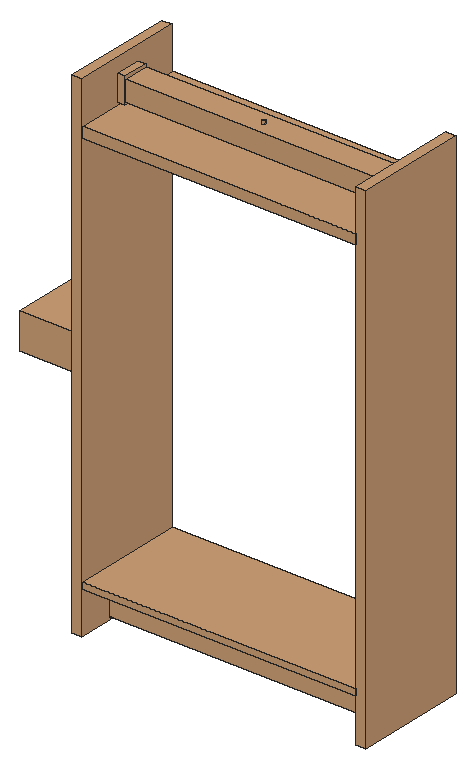
Revit family
Parameters
  Center of Unit = 0' - 0"  # constant formula
  Total Heating Capacity [instance] = 0.0 Btu/h
  Series = "VIFB"
  Outlet Area = 29.00 SF
  Lower Frame Thickness = if(Headers Height = 0' 3", 0' 1 1/4", if(Headers Height = 0' 3 1/4", 0' 1 1/4", 0' 0"))  # 0' - 1 1/4"
  Water Pressure Drop [instance] = 0.00 psi
  Water Flow [instance] = 0 GPM
  Unit Weight (lbs) = 831
  URL = "http://www.ljwing.com/"
  Water Outlet Radius = 0' - 1 1/2"
  Headers Height = if(M = 0' 1", 0' 3", if(M = 0' 1 1/2", 0' 3 1/4", 0' 0"))  # 0' - 3"
  Number of Rows = 2  # constant formula
  Number of Coils [instance] = 0
  Nominal Length = 4' - 9 5/8"
  N = 1' - 0 3/4"
  Model = "VE-5W"
  Manufacturer = "LJ Wing"
  M = 0' - 1"
  Leaving Water Temperature [instance] = 0 °F
  Leaving Air Temperature [instance] = 0 °F
  Entering Water Temperature [instance] = 0 °F
  Entering Air Temperature [instance] = 0 °F
  Description = "Vertical Integral Face & Bypass Water Heating Coils"
  Hot Water Inlet  Radius = 0' - 1 1/2"
  Coil Face Area = Outlet Area * 0.56  # 16.24 SF
  Casing Material = ""
  Assembly Code = "D3020300"
  Air Vent Radius = 0' - 0 1/4"
  Air Pressure Drop [instance] = 0.00 in-wg
  Air Inlet Width = Nominal Length - 0' 4"  # 4' - 5 5/8"
  Air Inlet Height = Y  # 6' - 6"
  Air Flow [instance] = 0 CFM
  Y = 6' - 6"
  S = 0' - 9 3/4"  # constant formula
  Product URL = "http://www.ljwing.com/html/vifb.asp"
  OmniClass = "23-75 70 21 14 "
  Nominal Height = 8' - 2"
  Nominal Depth = 1' - 10"
  R = 0' - 10 1/4"  # constant formula
  Q = 0' - 4 13/16"
Reference planes (in)
  plane 1 "Center (Front/Back)": y = 0
  plane 2: z = -39
  plane 3 "Center (Left/Right)": x = 0
  plane 4: z = 49.25
  plane 5: x = -28.8125
  plane 6: x = 28.8125
  plane 7: z = -48.75
  plane 8: z = 0
  plane 9: y = -11
  plane 10: y = 11
  plane 11: z = 39
  plane 12: z = 41
  plane 13: z = -40.25
  plane 14: x = 26.8125
  plane 15: x = -26.8125
  plane 16: x = -24
  plane 17: x = 24
  plane 18: y = 14.0625
  plane 19: x = -39.8125
  plane 20: z = 46.125
  plane 21: z = 42.125
  plane 22: y = -2.5
  plane 23: y = 2.5
  plane 24: y = -4.5
  plane 25: z = -46.375
  plane 26: x = -16.0625
  plane 27: x = 16.0625
  plane 28: z = -42.375
Forms (in)
  Extrusion 1, solid, material "Painted Finish"
    sketch origin (0, 6, -9.75) x (1, 0, 0) y (0, 0, 1)
      loop
        line (-28.8125, -39) -> (-26.8125, -39) -> (-26.8125, 59) -> (-28.8125, 59) -> (-28.8125, -39)
      loop
        line (28.8125, -39) -> (28.8125, 59) -> (26.8125, 59) -> (26.8125, -39) -> (28.8125, -39)
    from -5 to 17
  Extrusion 2, solid, material "Painted Finish"
    sketch origin (0, 6, 0) x (1, 0, 0) y (0, 0, 1)
      loop
        line (26.8125, -39) -> (-26.8125, -39) -> (-26.8125, -40.25) -> (26.8125, -40.25) -> (26.8125, -39)
      loop
        line (26.8125, 39) -> (26.8125, 41) -> (-26.8125, 41) -> (-26.8125, 39) -> (26.8125, 39)
    from -5 to 17
  Extrusion 3, solid, material "Painted Finish"
    sketch origin (0, 10, -0.5) x (1, 0, 0) y (0, 0, 1)
      loop
        line (-28.8125, 4) -> (-39.8125, 4) -> (-39.8125, -3) -> (-28.8125, -3) -> (-28.8125, 4)
    from 0 to 20
  Extrusion 4, solid, material "Painted Finish"
    sketch origin (0, 6, 0) x (1, 0, 0) y (0, 0, 1)
      loop
        line (-25.1875, 46.125) -> (-25.1875, 42.125) -> (25.1875, 42.125) -> (25.1875, 46.125) -> (-25.1875, 46.125)
    from 3.5 to 8.5
  Extrusion 5, solid, material "Painted Finish"
    sketch origin (0, 0, 0) x (1, 0, 0) y (0, 0, 1)
      loop
        line (-25.1875, 41.625) -> (-25.1875, 46.625) -> (-26.8125, 46.625) -> (-26.8125, 41.625) -> (-25.1875, 41.625)
      loop
        line (26.8125, 41.625) -> (26.8125, 46.625) -> (25.1875, 46.625) -> (25.1875, 41.625) -> (26.8125, 41.625)
    from -2.5 to 2.5
  Extrusion 6, solid, material "Painted Finish"
    sketch origin (0, 6, 0) x (1, 0, 0) y (0, 0, 1)
      loop
        line (-26.3125, -40.875) -> (-26.3125, -40.625) -> (-26.8125, -40.625) -> (-26.8125, -44.125) -> (-26.3125, -44.125) -> (-26.3125, -43.875) -> (26.3125, -43.875) -> (26.3125, -44.125) -> (26.8125, -44.125) -> (26.8125, -40.625) -> (26.3125, -40.625) -> (26.3125, -40.875) -> (-26.3125, -40.875)
      loop
        line (26.3125, -47.875) -> (26.3125, -48.125) -> (26.8125, -48.125) -> (26.8125, -44.625) -> (26.3125, -44.625) -> (26.3125, -44.875) -> (-26.3125, -44.875) -> (-26.3125, -44.625) -> (-26.8125, -44.625) -> (-26.8125, -48.125) -> (-26.3125, -48.125) -> (-26.3125, -47.875) -> (26.3125, -47.875)
    from -5 to 10.5
  Extrusion 7, void
    sketch origin (0, 0, 0) x (1, 0, 0) y (0, 0, 1)
      loop
        line (-26.8125, 39) -> (-26.8125, -39) -> (26.8125, -39) -> (26.8125, 39) -> (-26.8125, 39)
    from -11 to 11
  Extrusion 8, solid, material "Painted Finish"
    sketch origin (0, 0, 0) x (1, 0, 0) y (0, 0, 1)
      loop
        circle (16.0625, -46.375) r 1
      loop
        circle (-16.0625, -42.375) r 1
    from -14.0625 to -11
  Extrusion 9, solid, material "Painted Finish"
    sketch origin (0, 0, 0) x (1, 0, 0) y (0, 1, 0)
      loop
        circle (0, 0) r 0.25
    from 46.125 to 46.625
Cuts and joins
  Extrusion 7 cuts Extrusion 1
  Extrusion 7 cuts Extrusion 2
Dimensions and locks (in)
  "Nominal Length": plane 6 to plane 5
  equal spacing: plane 6, plane 3 "Center (Left/Right)", plane 5
  "S": plane 2 to plane 7
  "Nominal Depth": plane 10 to plane 9
  equal spacing: plane 10, plane 1 "Center (Front/Back)", plane 9
  "Y": plane 11 to plane 2
  "R": plane 4 to plane 11
  locked: plane 12 to plane 11 at 2
  "Lower Frame Thickness": plane 2 to plane 13
  "Q": plane 16 to plane 5
  "Q": plane 6 to plane 17
  locked: plane 18 to plane 10 at 3.0625
  locked: plane 5 to plane 19 at 11
  locked: Extrusion 3 sketch curve to Extrusion 3 sketch curve at 7
  locked: Extrusion 3 to Extrusion 3 at 20
  locked: plane 6 to plane 14 at 2
  locked: plane 15 to plane 5 at 2
  locked: Extrusion 5 sketch curve to plane 20 at 0.5
  locked: plane 21 to Extrusion 5 sketch curve at 0.5
  locked: plane 20 to plane 21 at 4
  locked: plane 23 to plane 22 at 5
  equal spacing: plane 23, plane 1 "Center (Front/Back)", plane 22
  locked: plane 22 to plane 24 at 2
  plane 4 to plane 7 = 8' - 2"
  locked: Extrusion 5 sketch curve to Extrusion 1 at 1.625
  locked: Extrusion 5 sketch curve to Extrusion 5 sketch curve at 1.625
  locked: Extrusion 7 sketch curve to plane 11 at 0
  locked: Extrusion 7 sketch curve to plane 15 at 0
  locked: Extrusion 7 sketch curve to plane 14 at 0
  locked: plane 15 to Extrusion 6 sketch curve at 0.5
  locked: Extrusion 6 sketch curve to Extrusion 6 sketch curve at 0.25  (x2)
  locked: plane 25 to plane 7 at 2.375
  "N": plane 26 to plane 5
  "N": plane 6 to plane 27
  locked: plane 28 to plane 7 at 6.375
  "Headers Height": Extrusion 6 sketch curve to Extrusion 6 sketch curve  (x2)
  locked: Extrusion 8 sketch curve to plane 25 at 0
  locked: Extrusion 8 sketch curve to plane 28 at 0
  locked: Extrusion 9 sketch curve to plane 1 "Center (Front/Back)" at 0
  locked: Extrusion 9 sketch curve to plane 3 "Center (Left/Right)" at 0
  equal spacing: Extrusion 6 sketch curve, plane 28, Extrusion 6 sketch curve
  equal spacing: Extrusion 6 sketch curve, plane 25, Extrusion 6 sketch curve
  locked: plane 4 to plane 20 at 3.125
  locked: Extrusion 7 sketch curve to plane 2 at 0
  equal spacing: plane 11, plane 8, plane 2
  locked: Extrusion 8 sketch curve to plane 27 at 0
  locked: Extrusion 8 sketch curve to plane 26 at 0
  "M": radius of Extrusion 8 sketch curve  (x2)
  "Air Vent Radius": radius of Extrusion 9 sketch curve
  aligned and locked: Extrusion 1 to plane 9
  aligned and locked: Extrusion 1 to plane 10
  aligned and locked: Extrusion 1 to plane 15
  aligned and locked: Extrusion 1 to plane 14
  aligned and locked: Extrusion 2 to plane 9
  aligned and locked: plane 9 to Extrusion 1
  aligned and locked: plane 10 to Extrusion 1  (x2)
  aligned and locked: Extrusion 2 to plane 10
  aligned and locked: plane 10 to Extrusion 2  (x2)
  aligned and locked: plane 9 to Extrusion 2  (x2)
  aligned and locked: plane 5 to Extrusion 3
  aligned and locked: Extrusion 5 sketch curve to plane 15
  aligned and locked: Extrusion 5 sketch curve to Extrusion 4
  aligned and locked: Extrusion 1 to Extrusion 6
  aligned and locked: plane 22 to Extrusion 5
  aligned and locked: Extrusion 5 to Extrusion 4  (x2)
  aligned and locked: Extrusion 5 to plane 23
  aligned and locked: Extrusion 6 to plane 24
  aligned and locked: Extrusion 4 to Extrusion 5  (x2)
  aligned and locked: Extrusion 5 to Extrusion 1  (x2)
  aligned and locked: Extrusion 1 to Extrusion 7  (x2)
  aligned and locked: plane 18 to Extrusion 8
  aligned and locked: Extrusion 8 to plane 10
  aligned and locked: plane 20 to Extrusion 9
  aligned and locked: Extrusion 9 to Extrusion 5
  aligned and locked: plane 2 to cut or joined group of Extrusion 2, Extrusion 7
  aligned and locked: Extrusion 1 sketch curve to plane 6
  aligned and locked: Extrusion 1 sketch curve to plane 14
  aligned and locked: Extrusion 1 sketch curve to plane 15
  aligned and locked: Extrusion 1 sketch curve to plane 5
  aligned and locked: Extrusion 1 sketch curve to plane 4  (x2)
  aligned and locked: plane 7 to Extrusion 1 sketch curve  (x2)
  aligned and locked: Extrusion 2 sketch curve to plane 11
  aligned and locked: Extrusion 2 sketch curve to plane 12
  aligned and locked: plane 2 to Extrusion 2 sketch curve
  aligned and locked: Extrusion 2 sketch curve to plane 13
  aligned and locked: plane 14 to Extrusion 2 sketch curve
  aligned and locked: plane 15 to Extrusion 2 sketch curve
  aligned and locked: Extrusion 2 sketch curve to plane 15
  aligned and locked: Extrusion 2 sketch curve to plane 14
  aligned and locked: plane 20 to Extrusion 4 sketch curve
  aligned and locked: Extrusion 4 sketch curve to plane 21
  aligned and locked: plane 14 to Extrusion 6 sketch curve  (x2)
  aligned and locked: Extrusion 6 sketch curve to plane 15  (x2)
Automatic sketch dimensions
  Extrusion 3 sketch curve to plane 19 = 0' - 0"
  Extrusion 3 sketch curve to plane 5 = 0' - 0"
  plane 8 to Extrusion 3 sketch curve = 0' - 3 1/2"
  Extrusion 4 sketch curve to plane 16 = 0' - 1 3/16"
  plane 17 to Extrusion 4 sketch curve = 0' - 1 3/16"
  plane 21 to Extrusion 5 sketch curve = 0' - 0 1/2"
  Extrusion 5 sketch curve to plane 20 = 0' - 0 1/2"
  plane 15 to Extrusion 6 sketch curve = 0' - 0 1/2"  (x2)
  Extrusion 6 sketch curve to Extrusion 6 sketch curve = 0' - 0 1/4"  (x5)
  Extrusion 6 sketch curve to Extrusion 6 sketch curve = 0' - 0"  (x2)
  Extrusion 6 sketch curve to plane 14 = 0' - 0 1/2"  (x2)
  Extrusion 6 sketch curve to Extrusion 6 sketch curve = 0' - 0 1/2"
  Extrusion 6 sketch curve to plane 7 = 0' - 0 5/8"
Connectors (in)
  hvac at (0, -11, 0), driven by "Air Inlet Height", driven by "Air Inlet Width", driven by "Air Flow", driven by "Air Pressure Drop"
    settings: on Extrusion 7, index 1
  hvac at (0, 11, 0), driven by "Air Pressure Drop", driven by "Air Inlet Height", driven by "Air Inlet Width", driven by "Air Flow"
    settings: on Extrusion 7, index 2
  piping at (-16.0625, 14.0625, -42.375), driven by "M", driven by "Water Flow", driven by "Water Pressure Drop"
    settings: on Extrusion 8, index 4
  piping at (16.0625, 14.0625, -46.375), driven by "Water Pressure Drop", driven by "Water Flow", driven by "M"
    settings: on Extrusion 8, index 5
